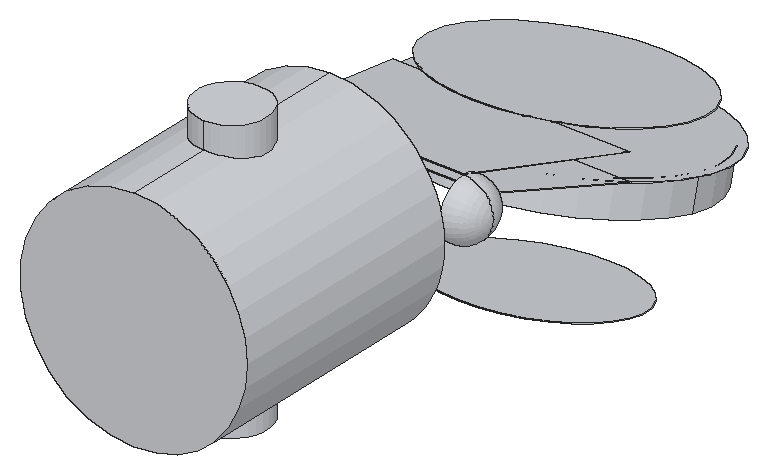
Revit family "LS_Bewegungsmelder_V1700", category Lichtschalter, Revit 2017
Family settings
  Beschriftungsausrichtung beibehalten = Nein
  Bemaßung runder Anschluss = Durchmesser verwenden
  Teiletyp = Schalter
  OmniClass-Nummer = 23.80.70.00
  OmniClass-Titel = Lighting
  Arbeitsebenenbasiert = Nein
  Immer vertikal = Ja
  Beim Laden mit Abzugskörper schneiden = Nein
  Gemeinsam genutzt = Nein
  Raumberechnungspunkt = Nein
Parameters (values of type "Beleuchtung")
  pbr_Material_KZ = ""
  pbr_Material = none
  pbr_E_Typ = ""
  pbr_E_KZ = ""
  pbr_DINBild = 0
  pbr_Bild = 0
  pbr_3Dx_Delta_Korrekturversatz [instance] = 0 mm
  pbr_3DX_Versatzfaktor [instance] = 0
  pbr_2DY_Versatzfaktor [instance] = 0
  pbr_2DX_Versatzfaktor [instance] = 0
  lfd_STRK [instance] = 0
  cpiFitMatchKey [instance] = "E-BM"  # constant formula
  Zentrale [instance] = ""
  Typ [instance] = ""
  Text3 [instance] = ""
  Text2 [instance] = ""
  Text1 [instance] = ""
  Schaltgruppe2 [instance] = 0
  Schaltgruppe1 [instance] = 0
  Planungsbüro Rohling = "www.pbr.de"
  Netzart = ""
  Menge(Dosenzahl) [instance] = 0
  Linie/Anschluss [instance] = ""
  Lastklassifizierung = none
  Installationsart [instance] = ""
  Infrarot-Bewegungsmelder = no
  Info [instance] = ""
  Gewerk [instance] = "Schalt"
  Eckversatz [instance] = 0 mm
  YFrontversatz [instance] = if(pbr_2DY_Versatzfaktor = 300, 0 mm, pbr_2DY_Versatzfaktor * 300 mm)  # 0 mm
  XSeitenversatz [instance] = if(pbr_2DX_Versatzfaktor = 0, 3000 mm, 3000 mm + (pbr_2DX_Versatzfaktor * 300 mm)) + Eckversatz  # 3000 mm
  R_Leerrohranschluss = 10 mm
  Niveau [instance] = 1100 mm
  Dosentiefe = 70 mm  # constant formula
  Dosenradius = 65 mm / 2  # 32.5 mm
  D_Leerrohranschluss = 2 * R_Leerrohranschluss  # 20 mm
  Breite = 80 mm
  Bewegungsmelder Unterputz = no
  Bewegungsmelder Beleuchtung = yes
  3DX_Versatzkontrolle [instance] = if(pbr_3DX_Versatzfaktor = 0, (pbr_2DX_Versatzfaktor * -1), (((-1 * pbr_3DX_Versatzfaktor) + pbr_2DX_Versatzfaktor) * -1))  # 0
  3DX_Versatz [instance] = if([3DX_Versatzkontrolle] = 0, 2000 mm, 2000 mm + ([3DX_Versatzkontrolle] * (300 mm - Breite))) + pbr_3Dx_Delta_Korrekturversatz  # 2000 mm
  Platzierrahmen [instance] = no
Types (3, lengths in mm): name | Infrarot-Bewegungsmelder | Bewegungsmelder Unterputz | Bewegungsmelder Beleuchtung
  Beleuchtung | no | no | yes
  unter_Putz | no | yes | no
  Infrarot | yes | no | no
Reference planes
  plane 1 "Mitte (Vorne/Hinten)": y = 0
  plane 2: z = 0
  plane 3 "Mitte (Links/Rechts)": x = 0
  plane 4: x = -125
  plane 5: x = 125
  plane 6: y = 300
  plane 7 "Schalterhinten": y = 0
  plane 8: x = 0
  plane 9: x = -2000
  plane 10: x = -40
  plane 11: x = 40
  plane 12: z = 1140
  plane 13: z = 1060
  plane 14 "SchalterVorne": y = 5
  plane 15 "3DSchalterMitte": x = 0
  plane 16: z = 1100
  plane 17: y = -70
  plane 18: y = -35
Forms (mm)
  Sweep 1, solid
    path origin (0, 0, 0) x (0, 0, 1) y (0, -1, 0)
      loop
        line (1100, 0) -> (1100, 70)
    profile origin (0, -35, 1100) x (0, 0, -1) y (1, 0, 0)
      loop
        circle (0, 0) r 32.5
  Sweep 2, solid
    path origin (0, 0, 0) x (0, 0, 1) y (0, -1, 0)
      loop
        line (1060, 35) -> (1140, 35)
    profile origin (0, -35, 1100) x (0, -1, 0) y (1, 0, 0)
      loop
        circle (0, 0) r 10
  Extrusion 3, solid
    sketch origin (240, 79.594, 1075.606) x (1, 0, 0) y (0, 0.970143, -0.242536)
      loop
        circle (-240, 0) r 39.95
    from 0 to 10
  Extrusion 4, solid
    sketch origin (248.5, 14.5, 1091.5) x (1, 0, 0) y (0, 1, 0)
      loop
        line (-240, 0) -> (-257, 0) -> (-257, -14.5) -> (-240, -14.5) -> (-240, 0)
    from 0 to 17
  Extrusion 5, solid
    sketch origin (240, 82.019, 1085.308) x (1, 0, 0) y (0, 0.970143, -0.242536)
      loop
        circle (-240, 0) r 42.5
    from -0.1 to 0.1
  Extrusion 6, solid
    sketch origin (240, 84.444, 1095.009) x (1, 0, 0) y (0, 0.970143, -0.242536)
      loop
        circle (-240, 0) r 34.85
    from -0.1 to 0.1
  Extrusion 7, solid
    sketch origin (240, 72.56, 1047.472) x (1, 0, 0) y (0, 0.970143, -0.242536)
      loop
        circle (-240, 0) r 27.625
    from -0.1 to 0.1
  Extrusion 8, solid
    sketch origin (265.5, 15.75, 1108.5) x (1, 0, 0) y (0, -0.968051, 0.250755)
      loop
        line (-291, 0) -> (-299.362, -50.367) -> (-231.638, -50.367) -> (-240, 0) -> (-291, 0)
    from -0.1 to 0.1
  Extrusion 9, solid
    sketch origin (265.5, 24.25, 1100) x (1, 0, 0) y (0, -0.96859, 0.248665)
      loop
        line (-291, 0) -> (-302.306, -38.358) -> (-228.694, -38.358) -> (-240, 0) -> (-291, 0)
    from -0.1 to 0.1
  Revolve 10, solid
    sketch origin (214.5, 15.75, 1100) x (0, 0, 1) y (1, 0, 0)
      loop
        arc (-8.5, -240) -> (-6.01, -246.01) -> (0, -248.5) r 8.5
        line (0, -248.5) -> (0, -247.7)
        arc (0, -247.7) -> (-5.445, -245.445) -> (-7.7, -240) r 7.7
        line (-7.7, -240) -> (-8.5, -240)
      axis (0, -240) -> (0, -248.5)
    angle from 0 to 360
  Revolve 11, solid
    sketch origin (265.5, 15.75, 1100) x (0, 0, 1) y (1, 0, 0)
      loop
        arc (8.5, -240) -> (6.01, -233.99) -> (0, -231.5) r 8.5
        line (0, -231.5) -> (0, -232.3)
        arc (0, -232.3) -> (5.445, -234.555) -> (7.7, -240) r 7.7
        line (7.7, -240) -> (8.5, -240)
      axis (0, -240) -> (0, -231.5)
    angle from 0 to 360
Cuts and joins
  joined: Sweep 1, Sweep 2
Lines and regions (mm)
  model lines, visible <- "Platzierrahmen"
    curve 1: line (-125, 0, 0) -> (125, 0, 0)
    curve 2: line (-125, 300, 0) -> (-125, 0, 0)
    curve 3: line (125, 300, 0) -> (-125, 300, 0)
    curve 4: line (125, 0, 0) -> (125, 300, 0)
  model lines
    curve 5: arc (-33.862, 64.508, 1095.87) -> (0, 45.542, 1100.612) -> (33.862, 64.508, 1095.87) r 39.1
    curve 6: arc (-36.806, 61.403, 1090.462) -> (0, 40.788, 1095.616) -> (36.806, 61.403, 1090.462) r 42.5
  model lines, style "InvisibleLines"
    curve 7: line (0, 139.5, 1100) -> (0, -40.5, 1100)
  model lines, style "InvisibleLines", detail levels coarse
    curve 8: line (-60, -21.75, 1100) -> (70, -21.75, 1100)
Dimensions and locks
  plane 4 to plane 5 = 250 mm
  plane 6 to plane 7 "Schalterhinten" = 300 mm
  equal spacing: plane 4, plane 8, plane 5, locked at 125 each
  "YFrontversatz": plane 1 "Mitte (Vorne/Hinten)" to plane 7 "Schalterhinten"
  plane 11 to plane 10 = 80 mm
  plane 12 to plane 13 = 80 mm
  plane 8 to plane 9 = 2000 mm
  equal spacing: plane 11, plane 15 "3DSchalterMitte", plane 10
  "3DX_Versatz": plane 15 "3DSchalterMitte" to plane 9
  equal spacing: plane 12, plane 16, plane 13
  "Niveau": plane 16 to level
  "Dosentiefe": plane 1 "Mitte (Vorne/Hinten)" to plane 17
  plane 14 "SchalterVorne" to plane 1 "Mitte (Vorne/Hinten)" = 5 mm
  equal spacing: plane 17, plane 18, plane 1 "Mitte (Vorne/Hinten)"
  locked: plane 8 to plane 9 at 2000
  "Breite": plane 11 to plane 10
  "Dosenradius": radius of Sweep 1 sketch curve
  "R_Leerrohranschluss": radius of Sweep 2 sketch curve
  aligned and locked: level to plane 2
  aligned and locked: curve 1 to plane 7 "Schalterhinten"
  aligned and locked: curve 2 to plane 4
  aligned and locked: curve 3 to plane 6
  aligned and locked: plane 5 to curve 4
  aligned and locked: curve 7 to plane 15 "3DSchalterMitte"
  aligned and locked: plane 1 "Mitte (Vorne/Hinten)" to Extrusion 4
  aligned and locked: curve 7 to plane 16
  aligned and locked: nested 1 to plane 8
  aligned and locked: nested 1 to plane 7 "Schalterhinten"
  aligned and locked: nested 2 to plane 8
  aligned and locked: nested 2 to plane 7 "Schalterhinten"
  aligned and locked: plane 7 "Schalterhinten" to nested 3
  aligned and locked: nested 3 to plane 8
Automatic sketch dimensions
  Sweep 1 sketch curve to plane 16 = 0 mm
  Sweep 1 sketch curve to plane 1 "Mitte (Vorne/Hinten)" = 0 mm
  Sweep 1 sketch curve to plane 17 = 0 mm
  Sweep 2 sketch curve to plane 13 = 0 mm
  plane 12 to Sweep 2 sketch curve = 0 mm
  Sweep 2 sketch curve to plane 18 = 0 mm
  Sweep 1 sketch curve to plane 15 "3DSchalterMitte" = 0 mm
  Sweep 1 sketch curve to profile plane = 0 mm
  Sweep 2 sketch curve to plane 15 "3DSchalterMitte" = 0 mm
  Sweep 2 sketch curve to profile plane = 0 mm
  Extrusion 4 sketch curve to Extrusion 4 sketch curve = 14.5 mm
  Extrusion 8 sketch curve to Extrusion 8 sketch curve = 50.367 mm
  Extrusion 9 sketch curve to Extrusion 9 sketch curve = 38.358 mm
  Revolve 10 sketch curve to Revolve 10 sketch curve = 0.8 mm
  Revolve 10 sketch curve to Revolve 10 sketch curve = 7.7 mm
  Revolve 10 sketch curve to Revolve 10 sketch curve = 0 mm  (x5)
  Revolve 11 sketch curve to Revolve 11 sketch curve = 7.7 mm
  Revolve 11 sketch curve to Revolve 11 sketch curve = 0.8 mm
  Revolve 11 sketch curve to Revolve 11 sketch curve = 0 mm  (x5)
  Extrusion 3 sketch curve to Extrusion 3 sketch curve = 39.95 mm
  Extrusion 4 sketch curve to Extrusion 4 sketch curve = 17 mm
  Extrusion 5 sketch curve to Extrusion 5 sketch curve = 42.5 mm
  Extrusion 6 sketch curve to Extrusion 6 sketch curve = 34.85 mm
  Extrusion 8 sketch curve to Extrusion 8 sketch curve = 8.362 mm  (x2)
  Extrusion 8 sketch curve to Extrusion 8 sketch curve = 51 mm
  Extrusion 9 sketch curve to Extrusion 9 sketch curve = 11.306 mm  (x2)
  Extrusion 9 sketch curve to Extrusion 9 sketch curve = 51 mm
  Extrusion 7 sketch curve to Extrusion 7 sketch curve = 27.625 mm
  Extrusion 3 sketch curve to Extrusion 3 sketch curve = 0 mm  (x2)
  Extrusion 3 sketch curve to plane 15 "3DSchalterMitte" = 0 mm
  plane 1 "Mitte (Vorne/Hinten)" to Extrusion 4 sketch curve = 0 mm
  Extrusion 4 sketch curve to plane 15 "3DSchalterMitte" = 8.5 mm
  Extrusion 5 sketch curve to Extrusion 5 sketch curve = 0 mm  (x2)
  Extrusion 5 sketch curve to plane 15 "3DSchalterMitte" = 0 mm
  Extrusion 6 sketch curve to Extrusion 6 sketch curve = 0 mm  (x2)
  Extrusion 6 sketch curve to plane 15 "3DSchalterMitte" = 0 mm
  Extrusion 7 sketch curve to Extrusion 7 sketch curve = 0 mm  (x2)
  Extrusion 7 sketch curve to plane 15 "3DSchalterMitte" = 0 mm
  plane 10 to Extrusion 8 sketch curve = 6.138 mm
  plane 10 to Extrusion 9 sketch curve = 3.194 mm
  Revolve 10 sketch curve to plane 16 = 0 mm
  plane 10 to Revolve 10 sketch curve = 6 mm
  Revolve 11 sketch curve to plane 16 = 0 mm
  Revolve 11 sketch curve to plane 11 = 14.5 mm
  curve 5 to plane 15 "3DSchalterMitte" = 0 mm
  plane 10 to curve 5 = 6.138 mm
  curve 5 to plane 11 = 6.138 mm
  curve 5 to curve 5 = 19.55 mm
  curve 6 to plane 15 "3DSchalterMitte" = 0 mm
  plane 10 to curve 6 = 3.194 mm
  curve 6 to plane 11 = 3.194 mm
  curve 6 to curve 6 = 21.25 mm
  curve 7 to plane 15 "3DSchalterMitte" = 0 mm
  curve 7 to plane 18 = 5.5 mm
  curve 8 to plane 10 = 20 mm
  plane 18 to curve 8 = 13.25 mm
  plane 11 to curve 8 = 30 mm
  curve 7 to plane 14 "SchalterVorne" = 134.5 mm
Nested families
  nested 1: "Bewegungsmelder Beleuchtung" at (0, 0, 0), visible <- "Bewegungsmelder Beleuchtung", type "Bewegungsmelder Beleuchtung"
  nested 2: "Bewegungsmelder Unterputz" at (0, 0, 0), visible <- "Bewegungsmelder Unterputz", type "Bewegungsmelder Unterputz"
  nested 3: "Infrarot-Bewegungsmelder" at (0, 0, 0) x (0, 1, 0) z (0, 0, 1), visible <- "Infrarot-Bewegungsmelder", type "Infrarot-Bewegungsmelder"
Connectors
  electrical at (0, -35, 1140)
    settings: on cut or joined group of Sweep 1, Sweep 2, index 3, voltage 230 V, apparent load 0 VA, apparent load phase1 0 VA, apparent load phase2 0 VA, apparent load phase3 0 VA, power factor 1, load classification "Standard", number of poles 1, system type 13, power factor state 1, is connector primary yes, connector utility no, sub classification motor no, connector description ""
  cabletrayconduit at (0, -35, 1140), diameter 20, driven by "D_Leerrohranschluss"
    settings: on cut or joined group of Sweep 1, Sweep 2, index 4, connector width 300 mm, connector height 300 mm, connector angle 0.00°, system type 32, placement type 0, profile type 0, connector reference index -1, is primary connector yes, connector utility param no, connector description ""
  cabletrayconduit at (0, -35, 1060), diameter 20, driven by "D_Leerrohranschluss"
    settings: on cut or joined group of Sweep 1, Sweep 2, index 5, connector width 300 mm, connector height 300 mm, connector angle 0.00°, system type 32, placement type 0, profile type 0, connector reference index -1, is primary connector no, connector utility param no, connector description ""
Definition of nested family "Bewegungsmelder Beleuchtung"
  Reference planes
    plane 1 "Mitte (Vorne/Hinten)": y = 0
    plane 2: z = 0
    plane 3 "Mitte (Links/Rechts)": x = 0
  Lines and regions (mm)
    detail lines, in view "Referenzebene"
      curve 1: arc (105.953, 207.324, 0) -> (1.016, 229.132, 0) -> (-104.085, 208.128, 0) r 268.328
      curve 2: line (-104.085, 208.128, 0) -> (-0.01, -0.021, 0)
      curve 3: line (-0.01, -0.021, 0) -> (105.953, 207.324, 0)
      curve 4: line (130.669, 270.164, 0) -> (100.405, 209.636, 0)
      curve 5: line (-64.54, 297.536, 0) -> (-47.988, 224.809, 0)
      curve 6: line (63.648, 295.564, 0) -> (47.669, 224.863, 0)
      curve 7: line (-0.01, 229.133, 0) -> (-0.01, 299.979, 0)
      curve 8: line (-132.625, 274.035, 0) -> (-100.426, 209.636, 0)
Definition of nested family "Bewegungsmelder Unterputz"
  Reference planes
    plane 1 "Mitte (Vorne/Hinten)": y = 0
    plane 2: z = 0
    plane 3 "Mitte (Links/Rechts)": x = 0
  Lines and regions (mm)
    detail lines, in view "Referenzebene"
      curve 1: line (-133.582, 270, 0) -> (136.418, 270, 0)
      curve 2: line (136.418, 270, 0) -> (136.418, 0, 0)
      curve 3: line (136.418, 0, 0) -> (-133.582, 0, 0)
      curve 4: line (-133.582, 0, 0) -> (-133.582, 270, 0)
      curve 5: line (-77.582, 214, 0) -> (80.418, 214, 0)
      curve 6: line (80.418, 214, 0) -> (80.418, 56, 0)
      curve 7: line (80.418, 56, 0) -> (-77.582, 56, 0)
      curve 8: line (-77.582, 56, 0) -> (-77.582, 214, 0)
      curve 9: line (-45.982, 214, 0) -> (-45.982, 56, 0)
      curve 10: line (-14.382, 214, 0) -> (-14.382, 56, 0)
      curve 11: line (17.218, 214, 0) -> (17.218, 56, 0)
      curve 12: line (48.818, 214, 0) -> (48.818, 56, 0)
Definition of nested family "Infrarot-Bewegungsmelder"
  Reference planes
    plane 1 "Mitte (Vorne/Hinten)": y = 0
    plane 2: z = 0
    plane 3 "Mitte (Links/Rechts)": x = 0
  Lines and regions (mm)
    detail lines, in view "Referenzebene"
      curve 1: arc (217.739, -106.837, 0) -> (243.077, 0.494, 0) -> (217.739, 107.826, 0) r 240
      curve 2: line (217.739, 107.826, 0) -> (3.077, 0.494, 0)
      curve 3: line (3.077, 0.494, 0) -> (217.739, -106.837, 0)
      curve 4: line (279.775, -116.389, 0) -> (225.638, -89.32, 0)
      curve 5: line (304.257, 58.212, 0) -> (239.209, 43.407, 0)
      curve 6: line (302.494, -56.444, 0) -> (239.257, -42.152, 0)
      curve 7: line (243.077, 0.494, 0) -> (328.942, 0.494, 0)
      curve 8: line (283.238, 119.109, 0) -> (225.638, 90.309, 0)
